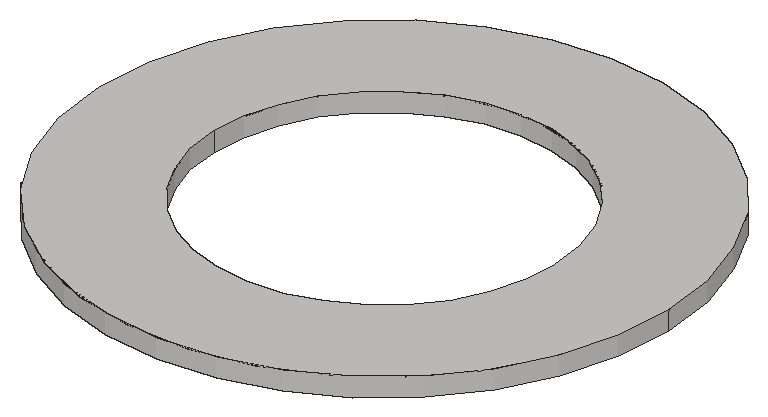
Revit family "3001", category Generic Models, Revit 2012
Parameters (values of type "Standard")
  e-mail = "info@vola.com"
  URL = "http://vola.com"
  Telephone = "+45 7023 5500"
  Quality management standard = "ISO 9001"
  Organisation no. / DUNS no. = "17531328"
  Occupational health and safety management standard = "ISO 18001"
  Mounting Instructions = "http://vola.com/service/producturl.ashx?name=3001"
  Model = "3001"
  Materials and components information = "http://vola.com/service/producturl.ashx?name=3001"
  Manufacturer = "VOLA A/S"
  Maintenance Instructions = "http://vola.com/service/producturl.ashx?name=3001"
  Guarantee = "2 years"
  Environmental management standard = "ISO 14000"
  Connection - All relevant connections = ""
  Approvals = "http://vola.com/service/producturl.ashx?name=3001"
Reference planes
  plane 1 "Center (Front/Back)": y = 0
  plane 2: z = 0
  plane 3 "Center (Left/Right)": x = 0
Forms (mm)
  Extrusion 1, solid, material "Stainless Steel"
    sketch origin (0, 0, 0) x (1, 0, 0) y (0, 1, 0)
      loop
        circle (0, 0) r 18
      loop
        circle (0, 0) r 30
    from 0 to 2
Dimensions and locks
  aligned and locked: plane 2 to level
